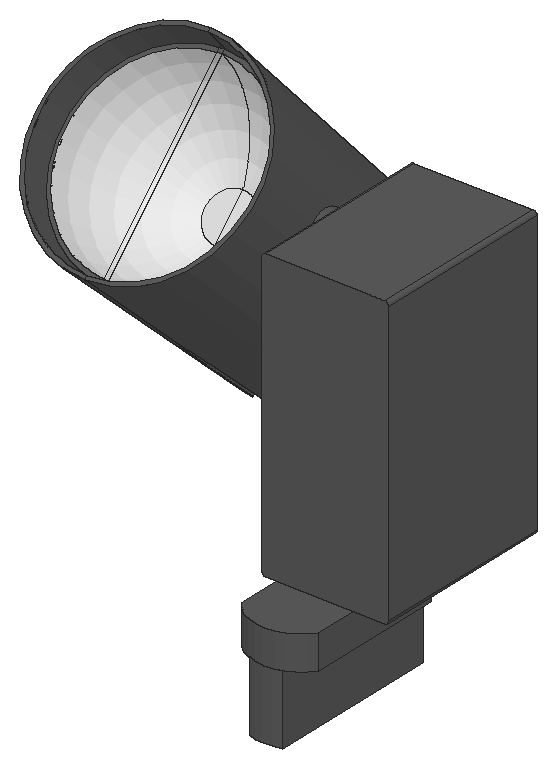
Revit family "0004886 Feilo Sylvania Lighting Fixture START TRACK SPOT S 24W 3K RA90 NB BLACK", category Lighting Fixtures, host Face, Revit 2017
Family settings
  Host = Face
  Round Connector Dimension = Use Diameter
  Part Type = Normal
  OmniClass Number = 23.80.70.00
  OmniClass Title = Lighting
  Cut with Voids When Loaded = No
  Light Source = No
  Shared = No
  Room Calculation Point = No
Parameters (values of type "0004886 START TRACK SPOT S 24W 3K RA90 NB BLACK")
  Weight = "0.966 kg"
  Wattage Comments = ""
  WarrantyStartDate [instance] = "n/a"
  WarrantyGuarantorParts = "n/a"
  WarrantyDurationUnit = "n/a"
  WarrantyDurationParts = "n/a"
  WarrantyDescription = "n/a"
  Voltage = 230 V
  URL = "http://www.sylvania-lighting.com"
  TypeName = "START TRACK SPOT S 24W 3K RA90 NB BLACK"
  TypeHead_FEILO = Start Track Spot Head : 0004886 START TRACK SPOT S 24W 3K RA90 NB BLACK
  TypeBox_FEILO = Start Track Spot Box : Type Small Black
  Type Image = <None>
  Type Comments = "n/a"
  VerticalRotation_FEILO [instance] = 0.00°
  SlideEndAngle_FEILO [instance] = VerticalRotation_FEILO + 180.00°  # 180.00°
  SerialNumber [instance] = "n/a"
  Material_3_FEILO = none
  PowerFactor = 0.95
  PowerConsumption = "24 W"
  NominalLength = 0 mm
  NominalHeight = 200 mm
  NominalDepth = 140 mm
  Name = "START TRACK SPOT S 24W 3K RA90 NB BLACK"
  ModelReference = Name  # "START TRACK SPOT S 24W 3K RA90 NB BLACK"
  ModelNumber = "0004886"
  Model = Name  # "START TRACK SPOT S 24W 3K RA90 NB BLACK"
  Material = "adc12 aluminium housing, polycarbonate diffuser"
  ManufacturerName = "Feilo Sylvania"
  Manufacturer = "Feilo Sylvania"
  LuminousEfficacy = "83 lm/W"
  LuminaireType = ""
  LightOutputRatio = "100"
  LampsType = Lamp  # "LED"
  LampNominalLuminous = "1987 lm"
  LampMacAdamStep = "3"
  LampColourTemperature = "3000 K"
  LampColourRenderingIndex = "90"
  Lamp = "LED"
  Keynote = "16500"
  InstallationDate [instance] = "n/a"
  InputVoltage = "230-240V~"
  InputNominalFrequency = "50/60 Hz"
  IngressProtection = "IP20"
  ImpactProtectionIndex = "IK02"
  IfcExportType = "IfcLightFixtureType"
  IfcExportAs = "IfcLightFixtureType"
  HorizontalRotation_FEILO [instance] = 45.00°
  ExpectedLife = 50000
  ElectricShockClassification = "Class II"
  DurationUnit = "hours"
  DocumentationLiterature = "http://www.sylvania-lighting.com/product/en-int/products/0004886"
  DimmingControlOptions = "Non dimmable"
  Material_2_FEILO = none
  Description = "Integrated LED spotlight, Textured Black - RAL9005, compact and minimalist design, ideal for retail applications, die-cast aluminium body, passive cooling heatsink. Beam angle: 12°, color temperature: 3000K , total system power: 24W, total fixture output: 1987 lm, LOR: 100%, colour rendering: Ra: 90 typical, LED Chromaticity: 3 step MacAdam ellipse, lifetime: >50000 hours at L70B50, energy class: A++, A+, A, IR/UV free light source without heat radiation, operating voltage: 220-240V / 50-60Hz, drive current: 600mA, electronic driver, non-dimmable, power factor: 0.95, electrical protection: Class II, Global Track 3 Phase adapter suitable for Global trac 3-circuit tracks, ingress protection rating: IP20, suitable for internal environment only, horizontal rotation: 355°, vertical tilt: 90°, dimensions: Ø86x140x200, weight: 0.966kg."
  Default Elevation = 1219.2 mm
  CreatedOn = "12/12/2017"
  CreatedBy = ""
  Cost = 0
  built-in parameter 1114216 [instance] = (empty or 0)
  ClassificationValue = "EF_70_80"
  ClassificationName = "Uniclass2015"
  Material_1_FEILO = Body-Sylvania-StartTrackSpot-Black
  BarCode [instance] = "n/a"
  AssetType = "Fixed"
  AssetIdentifier [instance] = "n/a"
  Assembly Code = "D5020200"
  Apparent Load = 24 VA
  Material_4_FEILO = none
Reference planes
  plane 1 "Center (Front/Back)": y = 0
  plane 2: z = 0
  plane 3 "Center (Left/Right)": x = 0
  plane 4: x = 15
  plane 5: x = -15
  plane 6: y = 35
  plane 7: y = -35
  plane 8: z = 13
  plane 9: z = -27
  plane 10: x = 6.5
  plane 11: x = -6.5
  plane 12: y = 27
  plane 13: y = -27
  plane 14: y = 20
Forms (mm)
  Extrusion 1, solid, material "Body-Sylvania-StartTrackSpot-Black" <- "Material_1_FEILO"
    sketch origin (0, 0, 0) x (1, 0, 0) y (0, 1, 0)
      loop
        line (-15, 27) -> (-15, -27)
        arc (-15, -27) -> (0, -35) -> (15, -27) r 18.062
        line (15, -27) -> (15, 27)
        arc (15, 27) -> (0, 35) -> (-15, 27) r 18.062
    from 0 to 13
  Extrusion 2, solid, material "Body-Sylvania-StartTrackSpot-Black" <- "Material_1_FEILO"
    sketch origin (0, 0, 0) x (1, 0, 0) y (0, 1, 0)
      loop
        arc (6.5, 33.79) -> (0, 35) -> (-6.5, 33.79) r 18.062
        line (-6.5, 33.79) -> (-6.5, -33.79)
        arc (-6.5, -33.79) -> (0, -35) -> (6.5, -33.79) r 18.062
        line (6.5, -33.79) -> (6.5, 33.79)
    from 0 to -27
  Revolve 3, solid, not visible
    sketch origin (1524, 20, 1219.2) x (1, 0, 0) y (0, 0, 1)
      loop
        line (-1524, -1206.2) -> (-1524, -1191.285) -> (-1530.5, -1191.285) -> (-1530.5, -1206.2) -> (-1524, -1206.2)
      axis (-1524, -1191.285) -> (-1524, -1206.2)
    angle from 0 <- "VerticalRotation_FEILO" to 180 <- "SlideEndAngle_FEILO"
Cuts and joins
  joined: Extrusion 1, Extrusion 2
Dimensions and locks
  equal spacing: plane 10, plane 3 "Center (Left/Right)", plane 11
  equal spacing: plane 4, plane 3 "Center (Left/Right)", plane 5
  locked: plane 8 to plane 2 at 13
  locked: plane 8 to plane 9 at 40
  equal spacing: plane 13, plane 1 "Center (Front/Back)", plane 12
  locked: plane 12 to plane 6 at 8
  locked: plane 14 to plane 6 at 15
  locked: Revolve 3 sketch curve to plane 8 at 14.915
  aligned and locked: plane 2 to host face
  aligned and locked: level to host face
  aligned and locked: plane 5 to Extrusion 1 sketch curve  (x2)
  aligned and locked: plane 12 to Extrusion 1 sketch curve
  aligned and locked: plane 13 to Extrusion 1 sketch curve
  aligned and locked: plane 4 to Extrusion 1 sketch curve
  aligned and locked: Extrusion 1 to plane 8
  aligned and locked: Extrusion 1 to level
  aligned and locked: Extrusion 2 sketch curve to Extrusion 1  (x2)
  aligned and locked: Extrusion 2 sketch curve to plane 11
  aligned and locked: plane 10 to Extrusion 2 sketch curve
  aligned and locked: plane 9 to Extrusion 2
  aligned and locked: level to Extrusion 2
  aligned and locked: Revolve 3 sketch curve to plane 3 "Center (Left/Right)"  (x2)
  aligned and locked: plane 11 to Revolve 3 sketch curve
  aligned and locked: Revolve 3 sketch curve to plane 8
Automatic sketch dimensions
  host sketch curve to host sketch curve = 2438.4 mm  (x2)
  Extrusion 1 sketch curve to plane 3 "Center (Left/Right)" = 0 mm  (x2)
  Extrusion 1 sketch curve to plane 13 = 10.062 mm
  plane 12 to Extrusion 1 sketch curve = 10.062 mm
  Revolve 3 sketch curve to plane 3 "Center (Left/Right)" = 0 mm
  plane 9 to Revolve 3 sketch curve = 582.6 mm
  Revolve 3 sketch curve to Revolve 3 sketch curve = 2581.144 mm
Nested families
  nested 1: "Start Track Spot Head" at (-62, 20, 112.529) x (0, 0.7071, 0.7071) z (0, 0.7071, -0.7071), type <- "TypeHead_FEILO", type "0004886 START TRACK SPOT S 24W 3K RA90 NB BLACK"
    with built-in parameter 1114216 (empty or 0)
  nested 2: "Start Track Spot Box" at (8.5, 20, 73) x (-1, 0, 0) z (0, -1, 0), BoxStartAngle_FEILO <- "HorizontalRotation_FEILO", type <- "TypeBox_FEILO", type "Type Small Black"
    with BoxStartAngle_FEILO 45.00°, BoxEndAngle_FEILO -135.00°
Connectors
  electrical at (0, 0, 0), driven by "Apparent Load", driven by "PowerFactor", driven by "Voltage"
    settings: index 1, voltage 230 V, apparent load 24 VA, apparent load phase1 0 VA, apparent load phase2 0 VA, apparent load phase3 0 VA, power factor 0.95, load classification "Lighting", number of poles 1, system type 30, power factor state 1, is connector primary yes, connector utility no, sub classification motor no, connector description ""
Definition of nested family "Start Track Spot Head"
  Parameters (values of type "0004811 START TRACK SPOT S 14W 3K RA80 NB WHITE")
    Wattage Comments = "n/a"
    Wattage = 14 W
    built-in parameter 1150110 = 1 (stored number, unit not read)
    URL = "http://www.feilosylvania.com"
    Type Image = (empty or 0)
    Type Comments = "n/a"
    built-in parameter 1114217 = 1 (stored number, unit not read)
    Tilt Angle = -90.00°
    built-in parameter 1150109 = 1 (stored number, unit not read)
    built-in parameter 1150134 = (empty or 0)
    built-in parameter 1150113 = 1 (stored number, unit not read)
    Photometric Web File = "0004811.ies"
    Material_3_FEILO = none
    Model = "START TRACK SPOT S 14W 3K RA80 NB WHITE"
    Manufacturer = "Feilo Sylvania"
    built-in parameter 1150105 = 123.66 (stored number, unit not read)
    Lumens = 1554 lm
    built-in parameter 1150115 = 1 (stored number, unit not read)
    built-in parameter 1150137 = (empty or 0)
    built-in parameter 1150139 = (empty or 0)
    built-in parameter 1150112 = 1 (stored number, unit not read)
    built-in parameter 1150114 = 1 (stored number, unit not read)
    Lamp = "LED"
    Keynote = "16500"
    Material_2_FEILO = none
    built-in parameter 1150132 = (empty or 0)
    built-in parameter 1150102 = (empty or 0)
    built-in parameter 1150107 = 3000 (stored number, unit not read)
    built-in parameter 1150138 = (empty or 0)
    built-in parameter 1150106 = 1.2366 (stored number, unit not read)
    HeadThickness_FEILO = if(HeadDiaOut_FEILO > 112 mm, 2 mm, 1.5 mm)  # 1.5 mm
    HeadRibOffset_FEILO = HeadHeight_FEILO / 28  # 4.179 mm
    HeadRibDepth_FEILO = HeadHeight_FEILO / 2.1  # 55.714 mm
    HeadRibCutWidth_FEILO = HeadDiaOut_FEILO / 12  # 7.167 mm
    HeadRibCutOffset_FEILO = HeadHeight_FEILO / 2.3  # 50.87 mm
    HeadReflectorRadius_FEILO = HeadDiaOut_FEILO / 1.7  # 50.588 mm
    HeadReflectorOffset_FEILO = HeadHeight_FEILO / 2.1  # 55.714 mm
    HeadLEDRadius_FEILO = HeadDiaOut_FEILO / 9  # 9.556 mm
    HeadHeight_FEILO = 117 mm
    HeadDraft_FEILO = 1 mm
    HeadDiffusorThickness_FEILO = 3 mm
    HeadDiffusorOffset_FEILO = HeadHeight_FEILO / 12.4  # 9.435 mm
    HeadDiaOut_FEILO = 86 mm
    HeadDiaIn_FEILO = HeadDiaOut_FEILO / 1.11  # 77.477 mm
    HeadAxisFromTop_FEILO = HeadHeight_FEILO / 1.687  # 69.354 mm
    Emit from Circle Diameter = HeadDiaIn_FEILO  # 77.477 mm
    Emit Shape Visible in Rendering = no
    built-in parameter 1150104 = 10.312 (stored number, unit not read)
    Dimming Lamp Color Temperature Shift = (empty or 0)
    Description = "Integrated LED spotlight, Textured White - RAL9016, compact and minimalist design, ideal for retail applications, die-cast aluminium body, passive cooling heatsink. Beam angle: 12°, color temperature: 3000K , total system power: 14W, total fixture output: 1551 lm, LOR: 100%, colour rendering: Ra: 80 typical, LED Chromaticity: 3 step MacAdam ellipse, lifetime: >50000 hours at L70B50, energy class: A++, A+, A, IR/UV free light source without heat radiation, operating voltage: 220-240V / 50-60Hz, drive current: 350mA, electronic driver, non-dimmable, power factor: 0.92, electrical protection: Class II, Global Track 3 Phase adapter suitable for Global trac 3-circuit tracks, ingress protection rating: IP20, suitable for internal environment only, horizontal rotation: 355°, vertical tilt: 90°, dimensions: Ø86x140x200, weight: 0.940kg."
    Default Elevation = 1219.2 mm
    Cost = 0
    Color Filter = 16777215
    built-in parameter 1114216 [instance] = (empty or 0)
    Material_1_FEILO = none
    built-in parameter 1114218 = 1 (stored number, unit not read)
    built-in parameter 1150133 = 10 (stored number, unit not read)
    Assembly Code = "D5020200"
    Apparent Load = 14 VA
    Material_4_FEILO = none
  Types (96, lengths in mm): name | Wattage | built-in parameter 1150134 | Photometric Web File | Model | built-in parameter 1150105 | Lumens | built-in parameter 1150107 | built-in parameter 1150106 | HeadThickness_FEILO | HeadRibOffset_FEILO | HeadRibDepth_FEILO | HeadRibCutWidth_FEILO | HeadRibCutOffset_FEILO | HeadReflectorRadius_FEILO | HeadReflectorOffset_FEILO | HeadLEDRadius_FEILO | HeadHeight_FEILO | HeadDiffusorOffset_FEILO | HeadDiaOut_FEILO | HeadDiaIn_FEILO | HeadAxisFromTop_FEILO | Emit from Circle Diameter | built-in parameter 1150104 | Description | Apparent Load
    0004906 START TRACK SPOT L 55W 4K RA90 WB BLACK | 55 W | 12 | "0004906.ies" | "START TRACK SPOT L 55W 4K RA90 WB BLACK" | 385.15 (stored number, unit not read) | 4840 lm | 4000 (stored number, unit not read) | 3.8515 (stored number, unit not read) | 2 | 4.429 | 59.048 | 9.417 | 53.913 | 66.471 | 59.048 | 12.556 | 124 | 10 | 113 | 101.802 | 73.503 | 101.802 | 8.1755 (stored number, unit not read) | "Integrated LED spotlight, Textured Black - RAL9005, compact and minimalist design, ideal for retail applications, die-cast aluminium body, passive cooling heatsink. Beam angle: 52°, color temperature: 4000K , total system power: 55W, total fixture output: 4824 lm, LOR: 100%, colour rendering: Ra: 90 typical, LED Chromaticity: 3 step MacAdam ellipse, lifetime: >50000 hours at L70B50, energy class: A++, A+, A, IR/UV free light source without heat radiation, operating voltage: 220-240V / 50-60Hz, drive current: 1400mA, electronic driver, non-dimmable, power factor: 0.96, electrical protection: Class II, Global Track 3 Phase adapter suitable for Global trac 3-circuit tracks, ingress protection rating: IP20, suitable for internal environment only, horizontal rotation: 355°, vertical tilt: 90°, dimensions: Ø113x164x240, weight: 1.398kg." | 55 VA
    0004905 START TRACK SPOT L 55W 4K RA90 MB BLACK | 55 W | 12 | "0004905.ies" | "START TRACK SPOT L 55W 4K RA90 MB BLACK" | 389.53 (stored number, unit not read) | 4895 lm | 4000 (stored number, unit not read) | 3.8953 (stored number, unit not read) | 2 | 4.429 | 59.048 | 9.417 | 53.913 | 66.471 | 59.048 | 12.556 | 124 | 10 | 113 | 101.802 | 73.503 | 101.802 | 8.2684 (stored number, unit not read) | "Integrated LED spotlight, Textured Black - RAL9005, compact and minimalist design, ideal for retail applications, die-cast aluminium body, passive cooling heatsink. Beam angle: 38°, color temperature: 4000K , total system power: 55W, total fixture output: 4897 lm, LOR: 100%, colour rendering: Ra: 90 typical, LED Chromaticity: 3 step MacAdam ellipse, lifetime: >50000 hours at L70B50, energy class: A++, A+, A, IR/UV free light source without heat radiation, operating voltage: 220-240V / 50-60Hz, drive current: 1400mA, electronic driver, non-dimmable, power factor: 0.96, electrical protection: Class II, Global Track 3 Phase adapter suitable for Global trac 3-circuit tracks, ingress protection rating: IP20, suitable for internal environment only, horizontal rotation: 355°, vertical tilt: 90°, dimensions: Ø113x164x240, weight: 1.398kg." | 55 VA
    0004904 START TRACK SPOT L 55W 4K RA90 NB BLACK | 55 W | 12 | "0004904.ies" | "START TRACK SPOT L 55W 4K RA90 NB BLACK" | 393.91 (stored number, unit not read) | 4950 lm | 4000 (stored number, unit not read) | 3.9391 (stored number, unit not read) | 2 | 4.429 | 59.048 | 9.417 | 53.913 | 66.471 | 59.048 | 12.556 | 124 | 10 | 113 | 101.802 | 73.503 | 101.802 | 8.3613 (stored number, unit not read) | "Integrated LED spotlight, Textured Black - RAL9005, compact and minimalist design, ideal for retail applications, die-cast aluminium body, passive cooling heatsink. Beam angle: 15°, color temperature: 4000K , total system power: 55W, total fixture output: 4965 lm, LOR: 100%, colour rendering: Ra: 90 typical, LED Chromaticity: 3 step MacAdam ellipse, lifetime: >50000 hours at L70B50, energy class: A++, A+, A, IR/UV free light source without heat radiation, operating voltage: 220-240V / 50-60Hz, drive current: 1400mA, electronic driver, non-dimmable, power factor: 0.96, electrical protection: Class II, Global Track 3 Phase adapter suitable for Global trac 3-circuit tracks, ingress protection rating: IP20, suitable for internal environment only, horizontal rotation: 355°, vertical tilt: 90°, dimensions: Ø113x164x240, weight: 1.398kg." | 55 VA
    0004903 START TRACK SPOT L 35W 4K RA90 WB BLACK | 35 W | 12 | "0004903.ies" | "START TRACK SPOT L 35W 4K RA90 WB BLACK" | 284.09 (stored number, unit not read) | 3570 lm | 4000 (stored number, unit not read) | 2.8409 (stored number, unit not read) | 2 | 4.429 | 59.048 | 9.417 | 53.913 | 66.471 | 59.048 | 12.556 | 124 | 10 | 113 | 101.802 | 73.503 | 101.802 | 9.4761 (stored number, unit not read) | "Integrated LED spotlight, Textured Black - RAL9005, compact and minimalist design, ideal for retail applications, die-cast aluminium body, passive cooling heatsink. Beam angle: 52°, color temperature: 4000K , total system power: 35W, total fixture output: 3562 lm, LOR: 100%, colour rendering: Ra: 90 typical, LED Chromaticity: 3 step MacAdam ellipse, lifetime: >50000 hours at L70B50, energy class: A++, A+, A, IR/UV free light source without heat radiation, operating voltage: 220-240V / 50-60Hz, drive current: 900mA, electronic driver, non-dimmable, power factor: 0.93, electrical protection: Class II, Global Track 3 Phase adapter suitable for Global trac 3-circuit tracks, ingress protection rating: IP20, suitable for internal environment only, horizontal rotation: 355°, vertical tilt: 90°, dimensions: Ø113x164x240, weight: 1.368kg." | 35 VA
    0004902 START TRACK SPOT L 35W 4K RA90 MB BLACK | 35 W | 12 | "0004902.ies" | "START TRACK SPOT L 35W 4K RA90 MB BLACK" | 286.88 (stored number, unit not read) | 3605 lm | 4000 (stored number, unit not read) | 2.8688 (stored number, unit not read) | 2 | 4.429 | 59.048 | 9.417 | 53.913 | 66.471 | 59.048 | 12.556 | 124 | 10 | 113 | 101.802 | 73.503 | 101.802 | 9.569 (stored number, unit not read) | "Integrated LED spotlight, Textured Black - RAL9005, compact and minimalist design, ideal for retail applications, die-cast aluminium body, passive cooling heatsink. Beam angle: 38°, color temperature: 4000K , total system power: 35W, total fixture output: 3616 lm, LOR: 100%, colour rendering: Ra: 90 typical, LED Chromaticity: 3 step MacAdam ellipse, lifetime: >50000 hours at L70B50, energy class: A++, A+, A, IR/UV free light source without heat radiation, operating voltage: 220-240V / 50-60Hz, drive current: 900mA, electronic driver, non-dimmable, power factor: 0.93, electrical protection: Class II, Global Track 3 Phase adapter suitable for Global trac 3-circuit tracks, ingress protection rating: IP20, suitable for internal environment only, horizontal rotation: 355°, vertical tilt: 90°, dimensions: Ø113x164x240, weight: 1.368kg." | 35 VA
    0004901 START TRACK SPOT L 35W 4K RA90 NB BLACK | 35 W | 12 | "0004901.ies" | "START TRACK SPOT L 35W 4K RA90 NB BLACK" | 286.88 (stored number, unit not read) | 3605 lm | 4000 (stored number, unit not read) | 2.8688 (stored number, unit not read) | 2 | 4.429 | 59.048 | 9.417 | 53.913 | 66.471 | 59.048 | 12.556 | 124 | 10 | 113 | 101.802 | 73.503 | 101.802 | 9.569 (stored number, unit not read) | "Integrated LED spotlight, Textured Black - RAL9005, compact and minimalist design, ideal for retail applications, die-cast aluminium body, passive cooling heatsink. Beam angle: 15°, color temperature: 4000K , total system power: 35W, total fixture output: 3593 lm, LOR: 100%, colour rendering: Ra: 90 typical, LED Chromaticity: 3 step MacAdam ellipse, lifetime: >50000 hours at L70B50, energy class: A++, A+, A, IR/UV free light source without heat radiation, operating voltage: 220-240V / 50-60Hz, drive current: 900mA, electronic driver, non-dimmable, power factor: 0.93, electrical protection: Class II, Global Track 3 Phase adapter suitable for Global trac 3-circuit tracks, ingress protection rating: IP20, suitable for internal environment only, horizontal rotation: 355°, vertical tilt: 90°, dimensions: Ø113x164x240, weight: 1.368kg." | 35 VA
    0004900 START TRACK SPOT S 24W 4K RA90 WB BLACK | 24 W | 12 | "0004900.ies" | "START TRACK SPOT S 24W 4K RA90 WB BLACK" | 166.16 (stored number, unit not read) | 2088 lm | 4000 (stored number, unit not read) | 1.6616 (stored number, unit not read) | 1.5 | 4.179 | 55.714 | 7.167 | 50.87 | 50.588 | 55.714 | 9.556 | 117 | 9.435 | 86 | 77.477 | 69.354 | 77.477 | 8.0826 (stored number, unit not read) | "Integrated LED spotlight, Textured Black - RAL9005, compact and minimalist design, ideal for retail applications, die-cast aluminium body, passive cooling heatsink. Beam angle: 64°, color temperature: 4000K , total system power: 24W, total fixture output: 2087 lm, LOR: 100%, colour rendering: Ra: 90 typical, LED Chromaticity: 3 step MacAdam ellipse, lifetime: >50000 hours at L70B50, energy class: A++, A+, A, IR/UV free light source without heat radiation, operating voltage: 220-240V / 50-60Hz, drive current: 600mA, electronic driver, non-dimmable, power factor: 0.95, electrical protection: Class II, Global Track 3 Phase adapter suitable for Global trac 3-circuit tracks, ingress protection rating: IP20, suitable for internal environment only, horizontal rotation: 355°, vertical tilt: 90°, dimensions: Ø86x140x200, weight: 0.966kg." | 24 VA
    0004899 START TRACK SPOT S 24W 4K RA90 MB BLACK | 24 W | 12 | "0004899.ies" | "START TRACK SPOT S 24W 4K RA90 MB BLACK" | 169.98 (stored number, unit not read) | 2136 lm | 4000 (stored number, unit not read) | 1.6998 (stored number, unit not read) | 1.5 | 4.179 | 55.714 | 7.167 | 50.87 | 50.588 | 55.714 | 9.556 | 117 | 9.435 | 86 | 77.477 | 69.354 | 77.477 | 8.2684 (stored number, unit not read) | "Integrated LED spotlight, Textured Black - RAL9005, compact and minimalist design, ideal for retail applications, die-cast aluminium body, passive cooling heatsink. Beam angle: 36°, color temperature: 4000K , total system power: 24W, total fixture output: 2141 lm, LOR: 100%, colour rendering: Ra: 90 typical, LED Chromaticity: 3 step MacAdam ellipse, lifetime: >50000 hours at L70B50, energy class: A++, A+, A, IR/UV free light source without heat radiation, operating voltage: 220-240V / 50-60Hz, drive current: 600mA, electronic driver, non-dimmable, power factor: 0.95, electrical protection: Class II, Global Track 3 Phase adapter suitable for Global trac 3-circuit tracks, ingress protection rating: IP20, suitable for internal environment only, horizontal rotation: 355°, vertical tilt: 90°, dimensions: Ø86x140x200, weight: 0.966kg." | 24 VA
    0004898 START TRACK SPOT S 24W 4K RA90 NB BLACK | 24 W | 12 | "0004898.ies" | "START TRACK SPOT S 24W 4K RA90 NB BLACK" | 171.89 (stored number, unit not read) | 2160 lm | 4000 (stored number, unit not read) | 1.7189 (stored number, unit not read) | 1.5 | 4.179 | 55.714 | 7.167 | 50.87 | 50.588 | 55.714 | 9.556 | 117 | 9.435 | 86 | 77.477 | 69.354 | 77.477 | 8.3613 (stored number, unit not read) | "Integrated LED spotlight, Textured Black - RAL9005, compact and minimalist design, ideal for retail applications, die-cast aluminium body, passive cooling heatsink. Beam angle: 12°, color temperature: 4000K , total system power: 24W, total fixture output: 2155 lm, LOR: 100%, colour rendering: Ra: 90 typical, LED Chromaticity: 3 step MacAdam ellipse, lifetime: >50000 hours at L70B50, energy class: A++, A+, A, IR/UV free light source without heat radiation, operating voltage: 220-240V / 50-60Hz, drive current: 600mA, electronic driver, non-dimmable, power factor: 0.95, electrical protection: Class II, Global Track 3 Phase adapter suitable for Global trac 3-circuit tracks, ingress protection rating: IP20, suitable for internal environment only, horizontal rotation: 355°, vertical tilt: 90°, dimensions: Ø86x140x200, weight: 0.966kg." | 24 VA
    0004897 START TRACK SPOT S 14W 4K RA90 WB BLACK | 14 W | 12 | "0004897.ies" | "START TRACK SPOT S 14W 4K RA90 WB BLACK" | 108.07 (stored number, unit not read) | 1358 lm | 4000 (stored number, unit not read) | 1.0807 (stored number, unit not read) | 1.5 | 4.179 | 55.714 | 7.167 | 50.87 | 50.588 | 55.714 | 9.556 | 117 | 9.435 | 86 | 77.477 | 69.354 | 77.477 | 9.0116 (stored number, unit not read) | "Integrated LED spotlight, Textured Black - RAL9005, compact and minimalist design, ideal for retail applications, die-cast aluminium body, passive cooling heatsink. Beam angle: 64°, color temperature: 4000K , total system power: 14W, total fixture output: 1352 lm, LOR: 100%, colour rendering: Ra: 90 typical, LED Chromaticity: 3 step MacAdam ellipse, lifetime: >50000 hours at L70B50, energy class: A++, A+, A, IR/UV free light source without heat radiation, operating voltage: 220-240V / 50-60Hz, drive current: 350mA, electronic driver, non-dimmable, power factor: 0.92, electrical protection: Class II, Global Track 3 Phase adapter suitable for Global trac 3-circuit tracks, ingress protection rating: IP20, suitable for internal environment only, horizontal rotation: 355°, vertical tilt: 90°, dimensions: Ø86x140x200, weight: 0.940kg." | 14 VA
    0004896 START TRACK SPOT S 14W 4K RA90 MB BLACK | 14 W | 12 | "0004896.ies" | "START TRACK SPOT S 14W 4K RA90 MB BLACK" | 108.07 (stored number, unit not read) | 1358 lm | 4000 (stored number, unit not read) | 1.0807 (stored number, unit not read) | 1.5 | 4.179 | 55.714 | 7.167 | 50.87 | 50.588 | 55.714 | 9.556 | 117 | 9.435 | 86 | 77.477 | 69.354 | 77.477 | 9.0116 (stored number, unit not read) | "Integrated LED spotlight, Textured Black - RAL9005, compact and minimalist design, ideal for retail applications, die-cast aluminium body, passive cooling heatsink. Beam angle: 36°, color temperature: 4000K , total system power: 14W, total fixture output: 1359 lm, LOR: 100%, colour rendering: Ra: 90 typical, LED Chromaticity: 3 step MacAdam ellipse, lifetime: >50000 hours at L70B50, energy class: A++, A+, A, IR/UV free light source without heat radiation, operating voltage: 220-240V / 50-60Hz, drive current: 350mA, electronic driver, non-dimmable, power factor: 0.92, electrical protection: Class II, Global Track 3 Phase adapter suitable for Global trac 3-circuit tracks, ingress protection rating: IP20, suitable for internal environment only, horizontal rotation: 355°, vertical tilt: 90°, dimensions: Ø86x140x200, weight: 0.940kg." | 14 VA
    0004895 START TRACK SPOT S 14W 4K RA90 NB BLACK | 14 W | 12 | "0004895.ies" | "START TRACK SPOT S 14W 4K RA90 NB BLACK" | 106.95 (stored number, unit not read) | 1344 lm | 4000 (stored number, unit not read) | 1.0695 (stored number, unit not read) | 1.5 | 4.179 | 55.714 | 7.167 | 50.87 | 50.588 | 55.714 | 9.556 | 117 | 9.435 | 86 | 77.477 | 69.354 | 77.477 | 8.9187 (stored number, unit not read) | "Integrated LED spotlight, Textured Black - RAL9005, compact and minimalist design, ideal for retail applications, die-cast aluminium body, passive cooling heatsink. Beam angle: 12°, color temperature: 4000K , total system power: 14W, total fixture output: 1349 lm, LOR: 100%, colour rendering: Ra: 90 typical, LED Chromaticity: 3 step MacAdam ellipse, lifetime: >50000 hours at L70B50, energy class: A++, A+, A, IR/UV free light source without heat radiation, operating voltage: 220-240V / 50-60Hz, drive current: 350mA, electronic driver, non-dimmable, power factor: 0.92, electrical protection: Class II, Global Track 3 Phase adapter suitable for Global trac 3-circuit tracks, ingress protection rating: IP20, suitable for internal environment only, horizontal rotation: 355°, vertical tilt: 90°, dimensions: Ø86x140x200, weight: 0.940kg." | 14 VA
    0004894 START TRACK SPOT L 55W 3K RA90 WB BLACK | 55 W | (empty or 0) | "0004894.ies" | "START TRACK SPOT L 55W 3K RA90 WB BLACK" | 350.14 (stored number, unit not read) | 4400 lm | 3000 (stored number, unit not read) | 3.5014 (stored number, unit not read) | 2 | 4.429 | 59.048 | 9.417 | 53.913 | 66.471 | 59.048 | 12.556 | 124 | 10 | 113 | 101.802 | 73.503 | 101.802 | 7.4322 (stored number, unit not read) | "Integrated LED spotlight, Textured Black - RAL9005, compact and minimalist design, ideal for retail applications, die-cast aluminium body, passive cooling heatsink. Beam angle: 52°, color temperature: 3000K , total system power: 55W, total fixture output: 4405 lm, LOR: 100%, colour rendering: Ra: 90 typical, LED Chromaticity: 3 step MacAdam ellipse, lifetime: >50000 hours at L70B50, energy class: A++, A+, A, IR/UV free light source without heat radiation, operating voltage: 220-240V / 50-60Hz, drive current: 1400mA, electronic driver, non-dimmable, power factor: 0.96, electrical protection: Class II, Global Track 3 Phase adapter suitable for Global trac 3-circuit tracks, ingress protection rating: IP20, suitable for internal environment only, horizontal rotation: 355°, vertical tilt: 90°, dimensions: Ø113x164x240, weight: 1.398kg." | 55 VA
    0004893 START TRACK SPOT L 55W 3K RA90 MB BLACK | 55 W | (empty or 0) | "0004893.ies" | "START TRACK SPOT L 55W 3K RA90 MB BLACK" | 354.52 (stored number, unit not read) | 4455 lm | 3000 (stored number, unit not read) | 3.5452 (stored number, unit not read) | 2 | 4.429 | 59.048 | 9.417 | 53.913 | 66.471 | 59.048 | 12.556 | 124 | 10 | 113 | 101.802 | 73.503 | 101.802 | 7.5251 (stored number, unit not read) | "Integrated LED spotlight, Textured Black - RAL9005, compact and minimalist design, ideal for retail applications, die-cast aluminium body, passive cooling heatsink. Beam angle: 38°, color temperature: 3000K , total system power: 55W, total fixture output: 4448 lm, LOR: 100%, colour rendering: Ra: 90 typical, LED Chromaticity: 3 step MacAdam ellipse, lifetime: >50000 hours at L70B50, energy class: A++, A+, A, IR/UV free light source without heat radiation, operating voltage: 220-240V / 50-60Hz, drive current: 1400mA, electronic driver, non-dimmable, power factor: 0.96, electrical protection: Class II, Global Track 3 Phase adapter suitable for Global trac 3-circuit tracks, ingress protection rating: IP20, suitable for internal environment only, horizontal rotation: 355°, vertical tilt: 90°, dimensions: Ø113x164x240, weight: 1.398kg." | 55 VA
    0004892 START TRACK SPOT L 55W 3K RA90 NB BLACK | 55 W | (empty or 0) | "0004892.ies" | "START TRACK SPOT L 55W 3K RA90 NB BLACK" | 350.14 (stored number, unit not read) | 4400 lm | 3000 (stored number, unit not read) | 3.5014 (stored number, unit not read) | 2 | 4.429 | 59.048 | 9.417 | 53.913 | 66.471 | 59.048 | 12.556 | 124 | 10 | 113 | 101.802 | 73.503 | 101.802 | 7.4322 (stored number, unit not read) | "Integrated LED spotlight, Textured Black - RAL9005, compact and minimalist design, ideal for retail applications, die-cast aluminium body, passive cooling heatsink. Beam angle: 15°, color temperature: 3000K , total system power: 55W, total fixture output: 4416 lm, LOR: 100%, colour rendering: Ra: 90 typical, LED Chromaticity: 3 step MacAdam ellipse, lifetime: >50000 hours at L70B50, energy class: A++, A+, A, IR/UV free light source without heat radiation, operating voltage: 220-240V / 50-60Hz, drive current: 1400mA, electronic driver, non-dimmable, power factor: 0.96, electrical protection: Class II, Global Track 3 Phase adapter suitable for Global trac 3-circuit tracks, ingress protection rating: IP20, suitable for internal environment only, horizontal rotation: 355°, vertical tilt: 90°, dimensions: Ø113x164x240, weight: 1.398kg." | 55 VA
    0004891 START TRACK SPOT L 35W 3K RA90 WB BLACK | 35 W | (empty or 0) | "0004891.ies" | "START TRACK SPOT L 35W 3K RA90 WB BLACK" | 259.02 (stored number, unit not read) | 3255 lm | 3000 (stored number, unit not read) | 2.5902 (stored number, unit not read) | 2 | 4.429 | 59.048 | 9.417 | 53.913 | 66.471 | 59.048 | 12.556 | 124 | 10 | 113 | 101.802 | 73.503 | 101.802 | 8.64 (stored number, unit not read) | "Integrated LED spotlight, Textured Black - RAL9005, compact and minimalist design, ideal for retail applications, die-cast aluminium body, passive cooling heatsink. Beam angle: 52°, color temperature: 3000K , total system power: 35W, total fixture output: 3260 lm, LOR: 100%, colour rendering: Ra: 90 typical, LED Chromaticity: 3 step MacAdam ellipse, lifetime: >50000 hours at L70B50, energy class: A++, A+, A, IR/UV free light source without heat radiation, operating voltage: 220-240V / 50-60Hz, drive current: 900mA, electronic driver, non-dimmable, power factor: 0.93, electrical protection: Class II, Global Track 3 Phase adapter suitable for Global trac 3-circuit tracks, ingress protection rating: IP20, suitable for internal environment only, horizontal rotation: 355°, vertical tilt: 90°, dimensions: Ø113x164x240, weight: 1.368kg." | 35 VA
    0004890 START TRACK SPOT L 35W 3K RA90 MB BLACK | 35 W | (empty or 0) | "0004890.ies" | "START TRACK SPOT L 35W 3K RA90 MB BLACK" | 261.81 (stored number, unit not read) | 3290 lm | 3000 (stored number, unit not read) | 2.6181 (stored number, unit not read) | 2 | 4.429 | 59.048 | 9.417 | 53.913 | 66.471 | 59.048 | 12.556 | 124 | 10 | 113 | 101.802 | 73.503 | 101.802 | 8.7329 (stored number, unit not read) | "Integrated LED spotlight, Textured Black - RAL9005, compact and minimalist design, ideal for retail applications, die-cast aluminium body, passive cooling heatsink. Beam angle: 38°, color temperature: 3000K , total system power: 35W, total fixture output: 3306 lm, LOR: 100%, colour rendering: Ra: 90 typical, LED Chromaticity: 3 step MacAdam ellipse, lifetime: >50000 hours at L70B50, energy class: A++, A+, A, IR/UV free light source without heat radiation, operating voltage: 220-240V / 50-60Hz, drive current: 900mA, electronic driver, non-dimmable, power factor: 0.93, electrical protection: Class II, Global Track 3 Phase adapter suitable for Global trac 3-circuit tracks, ingress protection rating: IP20, suitable for internal environment only, horizontal rotation: 355°, vertical tilt: 90°, dimensions: Ø113x164x240, weight: 1.368kg." | 35 VA
    0004889 START TRACK SPOT L 35W 3K RA90 NB BLACK | 35 W | (empty or 0) | "0004889.ies" | "START TRACK SPOT L 35W 3K RA90 NB BLACK" | 261.81 (stored number, unit not read) | 3290 lm | 3000 (stored number, unit not read) | 2.6181 (stored number, unit not read) | 2 | 4.429 | 59.048 | 9.417 | 53.913 | 66.471 | 59.048 | 12.556 | 124 | 10 | 113 | 101.802 | 73.503 | 101.802 | 8.7329 (stored number, unit not read) | "Integrated LED spotlight, Textured Black - RAL9005, compact and minimalist design, ideal for retail applications, die-cast aluminium body, passive cooling heatsink. Beam angle: 15°, color temperature: 3000K , total system power: 35W, total fixture output: 3287 lm, LOR: 100%, colour rendering: Ra: 90 typical, LED Chromaticity: 3 step MacAdam ellipse, lifetime: >50000 hours at L70B50, energy class: A++, A+, A, IR/UV free light source without heat radiation, operating voltage: 220-240V / 50-60Hz, drive current: 900mA, electronic driver, non-dimmable, power factor: 0.93, electrical protection: Class II, Global Track 3 Phase adapter suitable for Global trac 3-circuit tracks, ingress protection rating: IP20, suitable for internal environment only, horizontal rotation: 355°, vertical tilt: 90°, dimensions: Ø113x164x240, weight: 1.368kg." | 35 VA
    0004888 START TRACK SPOT S 24W 3K RA90 WB BLACK | 24 W | (empty or 0) | "0004888.ies" | "START TRACK SPOT S 24W 3K RA90 WB BLACK" | 152.79 (stored number, unit not read) | 1920 lm | 3000 (stored number, unit not read) | 1.5279 (stored number, unit not read) | 1.5 | 4.179 | 55.714 | 7.167 | 50.87 | 50.588 | 55.714 | 9.556 | 117 | 9.435 | 86 | 77.477 | 69.354 | 77.477 | 7.4322 (stored number, unit not read) | "Integrated LED spotlight, Textured Black - RAL9005, compact and minimalist design, ideal for retail applications, die-cast aluminium body, passive cooling heatsink. Beam angle: 64°, color temperature: 3000K , total system power: 24W, total fixture output: 1928 lm, LOR: 100%, colour rendering: Ra: 90 typical, LED Chromaticity: 3 step MacAdam ellipse, lifetime: >50000 hours at L70B50, energy class: A++, A+, A, IR/UV free light source without heat radiation, operating voltage: 220-240V / 50-60Hz, drive current: 600mA, electronic driver, non-dimmable, power factor: 0.95, electrical protection: Class II, Global Track 3 Phase adapter suitable for Global trac 3-circuit tracks, ingress protection rating: IP20, suitable for internal environment only, horizontal rotation: 355°, vertical tilt: 90°, dimensions: Ø86x140x200, weight: 0.966kg." | 24 VA
    0004887 START TRACK SPOT S 24W 3K RA90 MB BLACK | 24 W | (empty or 0) | "0004887.ies" | "START TRACK SPOT S 24W 3K RA90 MB BLACK" | 154.7 (stored number, unit not read) | 1944 lm | 3000 (stored number, unit not read) | 1.547 (stored number, unit not read) | 1.5 | 4.179 | 55.714 | 7.167 | 50.87 | 50.588 | 55.714 | 9.556 | 117 | 9.435 | 86 | 77.477 | 69.354 | 77.477 | 7.5251 (stored number, unit not read) | "Integrated LED spotlight, Textured Black - RAL9005, compact and minimalist design, ideal for retail applications, die-cast aluminium body, passive cooling heatsink. Beam angle: 36°, color temperature: 3000K , total system power: 24W, total fixture output: 1944 lm, LOR: 100%, colour rendering: Ra: 90 typical, LED Chromaticity: 3 step MacAdam ellipse, lifetime: >50000 hours at L70B50, energy class: A++, A+, A, IR/UV free light source without heat radiation, operating voltage: 220-240V / 50-60Hz, drive current: 600mA, electronic driver, non-dimmable, power factor: 0.95, electrical protection: Class II, Global Track 3 Phase adapter suitable for Global trac 3-circuit tracks, ingress protection rating: IP20, suitable for internal environment only, horizontal rotation: 355°, vertical tilt: 90°, dimensions: Ø86x140x200, weight: 0.966kg." | 24 VA
    0004886 START TRACK SPOT S 24W 3K RA90 NB BLACK | 24 W | (empty or 0) | "0004886.ies" | "START TRACK SPOT S 24W 3K RA90 NB BLACK" | 158.52 (stored number, unit not read) | 1992 lm | 3000 (stored number, unit not read) | 1.5852 (stored number, unit not read) | 1.5 | 4.179 | 55.714 | 7.167 | 50.87 | 50.588 | 55.714 | 9.556 | 117 | 9.435 | 86 | 77.477 | 69.354 | 77.477 | 7.711 (stored number, unit not read) | "Integrated LED spotlight, Textured Black - RAL9005, compact and minimalist design, ideal for retail applications, die-cast aluminium body, passive cooling heatsink. Beam angle: 12°, color temperature: 3000K , total system power: 24W, total fixture output: 1987 lm, LOR: 100%, colour rendering: Ra: 90 typical, LED Chromaticity: 3 step MacAdam ellipse, lifetime: >50000 hours at L70B50, energy class: A++, A+, A, IR/UV free light source without heat radiation, operating voltage: 220-240V / 50-60Hz, drive current: 600mA, electronic driver, non-dimmable, power factor: 0.95, electrical protection: Class II, Global Track 3 Phase adapter suitable for Global trac 3-circuit tracks, ingress protection rating: IP20, suitable for internal environment only, horizontal rotation: 355°, vertical tilt: 90°, dimensions: Ø86x140x200, weight: 0.966kg." | 24 VA
    0004885 START TRACK SPOT S 14W 3K RA90 WB BLACK | 14 W | (empty or 0) | "0004885.ies" | "START TRACK SPOT S 14W 3K RA90 WB BLACK" | 100.27 (stored number, unit not read) | 1260 lm | 3000 (stored number, unit not read) | 1.0027 (stored number, unit not read) | 1.5 | 4.179 | 55.714 | 7.167 | 50.87 | 50.588 | 55.714 | 9.556 | 117 | 9.435 | 86 | 77.477 | 69.354 | 77.477 | 8.3613 (stored number, unit not read) | "Integrated LED spotlight, Textured Black - RAL9005, compact and minimalist design, ideal for retail applications, die-cast aluminium body, passive cooling heatsink. Beam angle: 64°, color temperature: 3000K , total system power: 14W, total fixture output: 1262 lm, LOR: 100%, colour rendering: Ra: 90 typical, LED Chromaticity: 3 step MacAdam ellipse, lifetime: >50000 hours at L70B50, energy class: A++, A+, A, IR/UV free light source without heat radiation, operating voltage: 220-240V / 50-60Hz, drive current: 350mA, electronic driver, non-dimmable, power factor: 0.92, electrical protection: Class II, Global Track 3 Phase adapter suitable for Global trac 3-circuit tracks, ingress protection rating: IP20, suitable for internal environment only, horizontal rotation: 355°, vertical tilt: 90°, dimensions: Ø86x140x200, weight: 0.940kg." | 14 VA
    0004884 START TRACK SPOT S 14W 3K RA90 MB BLACK | 14 W | (empty or 0) | "0004884.ies" | "START TRACK SPOT S 14W 3K RA90 MB BLACK" | 100.27 (stored number, unit not read) | 1260 lm | 3000 (stored number, unit not read) | 1.0027 (stored number, unit not read) | 1.5 | 4.179 | 55.714 | 7.167 | 50.87 | 50.588 | 55.714 | 9.556 | 117 | 9.435 | 86 | 77.477 | 69.354 | 77.477 | 8.3613 (stored number, unit not read) | "Integrated LED spotlight, Textured Black - RAL9005, compact and minimalist design, ideal for retail applications, die-cast aluminium body, passive cooling heatsink. Beam angle: 36°, color temperature: 3000K , total system power: 14W, total fixture output: 1262 lm, LOR: 100%, colour rendering: Ra: 90 typical, LED Chromaticity: 3 step MacAdam ellipse, lifetime: >50000 hours at L70B50, energy class: A++, A+, A, IR/UV free light source without heat radiation, operating voltage: 220-240V / 50-60Hz, drive current: 350mA, electronic driver, non-dimmable, power factor: 0.92, electrical protection: Class II, Global Track 3 Phase adapter suitable for Global trac 3-circuit tracks, ingress protection rating: IP20, suitable for internal environment only, horizontal rotation: 355°, vertical tilt: 90°, dimensions: Ø86x140x200, weight: 0.940kg." | 14 VA
    0004883 START TRACK SPOT S 14W 3K RA90 NB BLACK | 14 W | (empty or 0) | "0004883.ies" | "START TRACK SPOT S 14W 3K RA90 NB BLACK" | 102.5 (stored number, unit not read) | 1288 lm | 3000 (stored number, unit not read) | 1.025 (stored number, unit not read) | 1.5 | 4.179 | 55.714 | 7.167 | 50.87 | 50.588 | 55.714 | 9.556 | 117 | 9.435 | 86 | 77.477 | 69.354 | 77.477 | 8.5471 (stored number, unit not read) | "Integrated LED spotlight, Textured Black - RAL9005, compact and minimalist design, ideal for retail applications, die-cast aluminium body, passive cooling heatsink. Beam angle: 12°, color temperature: 3000K , total system power: 14W, total fixture output: 1284 lm, LOR: 100%, colour rendering: Ra: 90 typical, LED Chromaticity: 3 step MacAdam ellipse, lifetime: >50000 hours at L70B50, energy class: A++, A+, A, IR/UV free light source without heat radiation, operating voltage: 220-240V / 50-60Hz, drive current: 350mA, electronic driver, non-dimmable, power factor: 0.92, electrical protection: Class II, Global Track 3 Phase adapter suitable for Global trac 3-circuit tracks, ingress protection rating: IP20, suitable for internal environment only, horizontal rotation: 355°, vertical tilt: 90°, dimensions: Ø86x140x200, weight: 0.940kg." | 14 VA
    0004882 START TRACK SPOT L 55W 4K RA90 WB WHITE | 55 W | 12 | "0004882.ies" | "START TRACK SPOT L 55W 4K RA90 WB WHITE" | 385.15 (stored number, unit not read) | 4840 lm | 4000 (stored number, unit not read) | 3.8515 (stored number, unit not read) | 2 | 4.429 | 59.048 | 9.417 | 53.913 | 66.471 | 59.048 | 12.556 | 124 | 10 | 113 | 101.802 | 73.503 | 101.802 | 8.1755 (stored number, unit not read) | "Integrated LED spotlight, Textured White - RAL9016, compact and minimalist design, ideal for retail applications, die-cast aluminium body, passive cooling heatsink. Beam angle: 52°, color temperature: 4000K , total system power: 55W, total fixture output: 4824 lm, LOR: 100%, colour rendering: Ra: 90 typical, LED Chromaticity: 3 step MacAdam ellipse, lifetime: >50000 hours at L70B50, energy class: A++, A+, A, IR/UV free light source without heat radiation, operating voltage: 220-240V / 50-60Hz, drive current: 1400mA, electronic driver, non-dimmable, power factor: 0.96, electrical protection: Class II, Global Track 3 Phase adapter suitable for Global trac 3-circuit tracks, ingress protection rating: IP20, suitable for internal environment only, horizontal rotation: 355°, vertical tilt: 90°, dimensions: Ø113x164x240, weight: 1.398kg." | 55 VA
    0004881 START TRACK SPOT L 55W 4K RA90 MB WHITE | 55 W | 12 | "0004881.ies" | "START TRACK SPOT L 55W 4K RA90 MB WHITE" | 389.53 (stored number, unit not read) | 4895 lm | 4000 (stored number, unit not read) | 3.8953 (stored number, unit not read) | 2 | 4.429 | 59.048 | 9.417 | 53.913 | 66.471 | 59.048 | 12.556 | 124 | 10 | 113 | 101.802 | 73.503 | 101.802 | 8.2684 (stored number, unit not read) | "Integrated LED spotlight, Textured White - RAL9016, compact and minimalist design, ideal for retail applications, die-cast aluminium body, passive cooling heatsink. Beam angle: 38°, color temperature: 4000K , total system power: 55W, total fixture output: 4897 lm, LOR: 100%, colour rendering: Ra: 90 typical, LED Chromaticity: 3 step MacAdam ellipse, lifetime: >50000 hours at L70B50, energy class: A++, A+, A, IR/UV free light source without heat radiation, operating voltage: 220-240V / 50-60Hz, drive current: 1400mA, electronic driver, non-dimmable, power factor: 0.96, electrical protection: Class II, Global Track 3 Phase adapter suitable for Global trac 3-circuit tracks, ingress protection rating: IP20, suitable for internal environment only, horizontal rotation: 355°, vertical tilt: 90°, dimensions: Ø113x164x240, weight: 1.398kg." | 55 VA
    0004880 START TRACK SPOT L 55W 4K RA90 NB WHITE | 55 W | 12 | "0004880.ies" | "START TRACK SPOT L 55W 4K RA90 NB WHITE" | 393.91 (stored number, unit not read) | 4950 lm | 4000 (stored number, unit not read) | 3.9391 (stored number, unit not read) | 2 | 4.429 | 59.048 | 9.417 | 53.913 | 66.471 | 59.048 | 12.556 | 124 | 10 | 113 | 101.802 | 73.503 | 101.802 | 8.3613 (stored number, unit not read) | "Integrated LED spotlight, Textured White - RAL9016, compact and minimalist design, ideal for retail applications, die-cast aluminium body, passive cooling heatsink. Beam angle: 15°, color temperature: 4000K , total system power: 55W, total fixture output: 4965 lm, LOR: 100%, colour rendering: Ra: 90 typical, LED Chromaticity: 3 step MacAdam ellipse, lifetime: >50000 hours at L70B50, energy class: A++, A+, A, IR/UV free light source without heat radiation, operating voltage: 220-240V / 50-60Hz, drive current: 1400mA, electronic driver, non-dimmable, power factor: 0.96, electrical protection: Class II, Global Track 3 Phase adapter suitable for Global trac 3-circuit tracks, ingress protection rating: IP20, suitable for internal environment only, horizontal rotation: 355°, vertical tilt: 90°, dimensions: Ø113x164x240, weight: 1.398kg." | 55 VA
    0004879 START TRACK SPOT L 35W 4K RA90 WB WHITE | 35 W | 12 | "0004879.ies" | "START TRACK SPOT L 35W 4K RA90 WB WHITE" | 284.09 (stored number, unit not read) | 3570 lm | 4000 (stored number, unit not read) | 2.8409 (stored number, unit not read) | 2 | 4.429 | 59.048 | 9.417 | 53.913 | 66.471 | 59.048 | 12.556 | 124 | 10 | 113 | 101.802 | 73.503 | 101.802 | 9.4761 (stored number, unit not read) | "Integrated LED spotlight, Textured White - RAL9016, compact and minimalist design, ideal for retail applications, die-cast aluminium body, passive cooling heatsink. Beam angle: 52°, color temperature: 4000K , total system power: 35W, total fixture output: 3562 lm, LOR: 100%, colour rendering: Ra: 90 typical, LED Chromaticity: 3 step MacAdam ellipse, lifetime: >50000 hours at L70B50, energy class: A++, A+, A, IR/UV free light source without heat radiation, operating voltage: 220-240V / 50-60Hz, drive current: 900mA, electronic driver, non-dimmable, power factor: 0.93, electrical protection: Class II, Global Track 3 Phase adapter suitable for Global trac 3-circuit tracks, ingress protection rating: IP20, suitable for internal environment only, horizontal rotation: 355°, vertical tilt: 90°, dimensions: Ø113x164x240, weight: 1.368kg." | 35 VA
    0004878 START TRACK SPOT L 35W 4K RA90 MB WHITE | 35 W | 12 | "0004878.ies" | "START TRACK SPOT L 35W 4K RA90 MB WHITE" | 286.88 (stored number, unit not read) | 3605 lm | 4000 (stored number, unit not read) | 2.8688 (stored number, unit not read) | 2 | 4.429 | 59.048 | 9.417 | 53.913 | 66.471 | 59.048 | 12.556 | 124 | 10 | 113 | 101.802 | 73.503 | 101.802 | 9.569 (stored number, unit not read) | "Integrated LED spotlight, Textured White - RAL9016, compact and minimalist design, ideal for retail applications, die-cast aluminium body, passive cooling heatsink. Beam angle: 38°, color temperature: 4000K , total system power: 35W, total fixture output: 3616 lm, LOR: 100%, colour rendering: Ra: 90 typical, LED Chromaticity: 3 step MacAdam ellipse, lifetime: >50000 hours at L70B50, energy class: A++, A+, A, IR/UV free light source without heat radiation, operating voltage: 220-240V / 50-60Hz, drive current: 900mA, electronic driver, non-dimmable, power factor: 0.93, electrical protection: Class II, Global Track 3 Phase adapter suitable for Global trac 3-circuit tracks, ingress protection rating: IP20, suitable for internal environment only, horizontal rotation: 355°, vertical tilt: 90°, dimensions: Ø113x164x240, weight: 1.368kg." | 35 VA
    0004877 START TRACK SPOT L 35W 4K RA90 NB WHITE | 35 W | 12 | "0004877.ies" | "START TRACK SPOT L 35W 4K RA90 NB WHITE" | 286.88 (stored number, unit not read) | 3605 lm | 4000 (stored number, unit not read) | 2.8688 (stored number, unit not read) | 2 | 4.429 | 59.048 | 9.417 | 53.913 | 66.471 | 59.048 | 12.556 | 124 | 10 | 113 | 101.802 | 73.503 | 101.802 | 9.569 (stored number, unit not read) | "Integrated LED spotlight, Textured White - RAL9016, compact and minimalist design, ideal for retail applications, die-cast aluminium body, passive cooling heatsink. Beam angle: 15°, color temperature: 4000K , total system power: 35W, total fixture output: 3593 lm, LOR: 100%, colour rendering: Ra: 90 typical, LED Chromaticity: 3 step MacAdam ellipse, lifetime: >50000 hours at L70B50, energy class: A++, A+, A, IR/UV free light source without heat radiation, operating voltage: 220-240V / 50-60Hz, drive current: 900mA, electronic driver, non-dimmable, power factor: 0.93, electrical protection: Class II, Global Track 3 Phase adapter suitable for Global trac 3-circuit tracks, ingress protection rating: IP20, suitable for internal environment only, horizontal rotation: 355°, vertical tilt: 90°, dimensions: Ø113x164x240, weight: 1.368kg." | 35 VA
    0004876 START TRACK SPOT S 24W 4K RA90 WB WHITE | 24 W | 12 | "0004876.ies" | "START TRACK SPOT S 24W 4K RA90 WB WHITE" | 166.16 (stored number, unit not read) | 2088 lm | 4000 (stored number, unit not read) | 1.6616 (stored number, unit not read) | 1.5 | 4.179 | 55.714 | 7.167 | 50.87 | 50.588 | 55.714 | 9.556 | 117 | 9.435 | 86 | 77.477 | 69.354 | 77.477 | 8.0826 (stored number, unit not read) | "Integrated LED spotlight, Textured White - RAL9016, compact and minimalist design, ideal for retail applications, die-cast aluminium body, passive cooling heatsink. Beam angle: 64°, color temperature: 4000K , total system power: 24W, total fixture output: 2087 lm, LOR: 100%, colour rendering: Ra: 90 typical, LED Chromaticity: 3 step MacAdam ellipse, lifetime: >50000 hours at L70B50, energy class: A++, A+, A, IR/UV free light source without heat radiation, operating voltage: 220-240V / 50-60Hz, drive current: 600mA, electronic driver, non-dimmable, power factor: 0.95, electrical protection: Class II, Global Track 3 Phase adapter suitable for Global trac 3-circuit tracks, ingress protection rating: IP20, suitable for internal environment only, horizontal rotation: 355°, vertical tilt: 90°, dimensions: Ø86x140x200, weight: 0.966kg." | 24 VA
    0004875 START TRACK SPOT S 24W 4K RA90 MB WHITE | 24 W | 12 | "0004875.ies" | "START TRACK SPOT S 24W 4K RA90 MB WHITE" | 169.98 (stored number, unit not read) | 2136 lm | 4000 (stored number, unit not read) | 1.6998 (stored number, unit not read) | 1.5 | 4.179 | 55.714 | 7.167 | 50.87 | 50.588 | 55.714 | 9.556 | 117 | 9.435 | 86 | 77.477 | 69.354 | 77.477 | 8.2684 (stored number, unit not read) | "Integrated LED spotlight, Textured White - RAL9016, compact and minimalist design, ideal for retail applications, die-cast aluminium body, passive cooling heatsink. Beam angle: 36°, color temperature: 4000K , total system power: 24W, total fixture output: 2141 lm, LOR: 100%, colour rendering: Ra: 90 typical, LED Chromaticity: 3 step MacAdam ellipse, lifetime: >50000 hours at L70B50, energy class: A++, A+, A, IR/UV free light source without heat radiation, operating voltage: 220-240V / 50-60Hz, drive current: 600mA, electronic driver, non-dimmable, power factor: 0.95, electrical protection: Class II, Global Track 3 Phase adapter suitable for Global trac 3-circuit tracks, ingress protection rating: IP20, suitable for internal environment only, horizontal rotation: 355°, vertical tilt: 90°, dimensions: Ø86x140x200, weight: 0.966kg." | 24 VA
    0004874 START TRACK SPOT S 24W 4K RA90 NB WHITE | 24 W | 12 | "0004874.ies" | "START TRACK SPOT S 24W 4K RA90 NB WHITE" | 171.89 (stored number, unit not read) | 2160 lm | 4000 (stored number, unit not read) | 1.7189 (stored number, unit not read) | 1.5 | 4.179 | 55.714 | 7.167 | 50.87 | 50.588 | 55.714 | 9.556 | 117 | 9.435 | 86 | 77.477 | 69.354 | 77.477 | 8.3613 (stored number, unit not read) | "Integrated LED spotlight, Textured White - RAL9016, compact and minimalist design, ideal for retail applications, die-cast aluminium body, passive cooling heatsink. Beam angle: 12°, color temperature: 4000K , total system power: 24W, total fixture output: 2155 lm, LOR: 100%, colour rendering: Ra: 90 typical, LED Chromaticity: 3 step MacAdam ellipse, lifetime: >50000 hours at L70B50, energy class: A++, A+, A, IR/UV free light source without heat radiation, operating voltage: 220-240V / 50-60Hz, drive current: 600mA, electronic driver, non-dimmable, power factor: 0.95, electrical protection: Class II, Global Track 3 Phase adapter suitable for Global trac 3-circuit tracks, ingress protection rating: IP20, suitable for internal environment only, horizontal rotation: 355°, vertical tilt: 90°, dimensions: Ø86x140x200, weight: 0.966kg." | 24 VA
    0004873 START TRACK SPOT S 14W 4K RA90 WB WHITE | 14 W | 12 | "0004873.ies" | "START TRACK SPOT S 14W 4K RA90 WB WHITE" | 108.07 (stored number, unit not read) | 1358 lm | 4000 (stored number, unit not read) | 1.0807 (stored number, unit not read) | 1.5 | 4.179 | 55.714 | 7.167 | 50.87 | 50.588 | 55.714 | 9.556 | 117 | 9.435 | 86 | 77.477 | 69.354 | 77.477 | 9.0116 (stored number, unit not read) | "Integrated LED spotlight, Textured White - RAL9016, compact and minimalist design, ideal for retail applications, die-cast aluminium body, passive cooling heatsink. Beam angle: 64°, color temperature: 4000K , total system power: 14W, total fixture output: 1352 lm, LOR: 100%, colour rendering: Ra: 90 typical, LED Chromaticity: 3 step MacAdam ellipse, lifetime: >50000 hours at L70B50, energy class: A++, A+, A, IR/UV free light source without heat radiation, operating voltage: 220-240V / 50-60Hz, drive current: 350mA, electronic driver, non-dimmable, power factor: 0.92, electrical protection: Class II, Global Track 3 Phase adapter suitable for Global trac 3-circuit tracks, ingress protection rating: IP20, suitable for internal environment only, horizontal rotation: 355°, vertical tilt: 90°, dimensions: Ø86x140x200, weight: 0.940kg." | 14 VA
    0004872 START TRACK SPOT S 14W 4K RA90 MB WHITE | 14 W | 12 | "0004872.ies" | "START TRACK SPOT S 14W 4K RA90 MB WHITE" | 108.07 (stored number, unit not read) | 1358 lm | 4000 (stored number, unit not read) | 1.0807 (stored number, unit not read) | 1.5 | 4.179 | 55.714 | 7.167 | 50.87 | 50.588 | 55.714 | 9.556 | 117 | 9.435 | 86 | 77.477 | 69.354 | 77.477 | 9.0116 (stored number, unit not read) | "Integrated LED spotlight, Textured White - RAL9016, compact and minimalist design, ideal for retail applications, die-cast aluminium body, passive cooling heatsink. Beam angle: 36°, color temperature: 4000K , total system power: 14W, total fixture output: 1359 lm, LOR: 100%, colour rendering: Ra: 90 typical, LED Chromaticity: 3 step MacAdam ellipse, lifetime: >50000 hours at L70B50, energy class: A++, A+, A, IR/UV free light source without heat radiation, operating voltage: 220-240V / 50-60Hz, drive current: 350mA, electronic driver, non-dimmable, power factor: 0.92, electrical protection: Class II, Global Track 3 Phase adapter suitable for Global trac 3-circuit tracks, ingress protection rating: IP20, suitable for internal environment only, horizontal rotation: 355°, vertical tilt: 90°, dimensions: Ø86x140x200, weight: 0.940kg." | 14 VA
    0004871 START TRACK SPOT S 14W 4K RA90 NB WHITE | 14 W | 12 | "0004871.ies" | "START TRACK SPOT S 14W 4K RA90 NB WHITE" | 106.95 (stored number, unit not read) | 1344 lm | 4000 (stored number, unit not read) | 1.0695 (stored number, unit not read) | 1.5 | 4.179 | 55.714 | 7.167 | 50.87 | 50.588 | 55.714 | 9.556 | 117 | 9.435 | 86 | 77.477 | 69.354 | 77.477 | 8.9187 (stored number, unit not read) | "Integrated LED spotlight, Textured White - RAL9016, compact and minimalist design, ideal for retail applications, die-cast aluminium body, passive cooling heatsink. Beam angle: 12°, color temperature: 4000K , total system power: 14W, total fixture output: 1349 lm, LOR: 100%, colour rendering: Ra: 90 typical, LED Chromaticity: 3 step MacAdam ellipse, lifetime: >50000 hours at L70B50, energy class: A++, A+, A, IR/UV free light source without heat radiation, operating voltage: 220-240V / 50-60Hz, drive current: 350mA, electronic driver, non-dimmable, power factor: 0.92, electrical protection: Class II, Global Track 3 Phase adapter suitable for Global trac 3-circuit tracks, ingress protection rating: IP20, suitable for internal environment only, horizontal rotation: 355°, vertical tilt: 90°, dimensions: Ø86x140x200, weight: 0.940kg." | 14 VA
    0004870 START TRACK SPOT L 55W 3K RA90 WB WHITE | 55 W | (empty or 0) | "0004870.ies" | "START TRACK SPOT L 55W 3K RA90 WB WHITE" | 350.14 (stored number, unit not read) | 4400 lm | 3000 (stored number, unit not read) | 3.5014 (stored number, unit not read) | 2 | 4.429 | 59.048 | 9.417 | 53.913 | 66.471 | 59.048 | 12.556 | 124 | 10 | 113 | 101.802 | 73.503 | 101.802 | 7.4322 (stored number, unit not read) | "Integrated LED spotlight, Textured White - RAL9016, compact and minimalist design, ideal for retail applications, die-cast aluminium body, passive cooling heatsink. Beam angle: 52°, color temperature: 3000K , total system power: 55W, total fixture output: 4405 lm, LOR: 100%, colour rendering: Ra: 90 typical, LED Chromaticity: 3 step MacAdam ellipse, lifetime: >50000 hours at L70B50, energy class: A++, A+, A, IR/UV free light source without heat radiation, operating voltage: 220-240V / 50-60Hz, drive current: 1400mA, electronic driver, non-dimmable, power factor: 0.96, electrical protection: Class II, Global Track 3 Phase adapter suitable for Global trac 3-circuit tracks, ingress protection rating: IP20, suitable for internal environment only, horizontal rotation: 355°, vertical tilt: 90°, dimensions: Ø113x164x240, weight: 1.398kg." | 55 VA
    0004869 START TRACK SPOT L 55W 3K RA90 MB WHITE | 55 W | (empty or 0) | "0004869.ies" | "START TRACK SPOT L 55W 3K RA90 MB WHITE" | 354.52 (stored number, unit not read) | 4455 lm | 3000 (stored number, unit not read) | 3.5452 (stored number, unit not read) | 2 | 4.429 | 59.048 | 9.417 | 53.913 | 66.471 | 59.048 | 12.556 | 124 | 10 | 113 | 101.802 | 73.503 | 101.802 | 7.5251 (stored number, unit not read) | "Integrated LED spotlight, Textured White - RAL9016, compact and minimalist design, ideal for retail applications, die-cast aluminium body, passive cooling heatsink. Beam angle: 38°, color temperature: 3000K , total system power: 55W, total fixture output: 4448 lm, LOR: 100%, colour rendering: Ra: 90 typical, LED Chromaticity: 3 step MacAdam ellipse, lifetime: >50000 hours at L70B50, energy class: A++, A+, A, IR/UV free light source without heat radiation, operating voltage: 220-240V / 50-60Hz, drive current: 1400mA, electronic driver, non-dimmable, power factor: 0.96, electrical protection: Class II, Global Track 3 Phase adapter suitable for Global trac 3-circuit tracks, ingress protection rating: IP20, suitable for internal environment only, horizontal rotation: 355°, vertical tilt: 90°, dimensions: Ø113x164x240, weight: 1.398kg." | 55 VA
    0004868 START TRACK SPOT L 55W 3K RA90 NB WHITE | 55 W | (empty or 0) | "0004868.ies" | "START TRACK SPOT L 55W 3K RA90 NB WHITE" | 350.14 (stored number, unit not read) | 4400 lm | 3000 (stored number, unit not read) | 3.5014 (stored number, unit not read) | 2 | 4.429 | 59.048 | 9.417 | 53.913 | 66.471 | 59.048 | 12.556 | 124 | 10 | 113 | 101.802 | 73.503 | 101.802 | 7.4322 (stored number, unit not read) | "Integrated LED spotlight, Textured White - RAL9016, compact and minimalist design, ideal for retail applications, die-cast aluminium body, passive cooling heatsink. Beam angle: 15°, color temperature: 3000K , total system power: 55W, total fixture output: 4416 lm, LOR: 100%, colour rendering: Ra: 90 typical, LED Chromaticity: 3 step MacAdam ellipse, lifetime: >50000 hours at L70B50, energy class: A++, A+, A, IR/UV free light source without heat radiation, operating voltage: 220-240V / 50-60Hz, drive current: 1400mA, electronic driver, non-dimmable, power factor: 0.96, electrical protection: Class II, Global Track 3 Phase adapter suitable for Global trac 3-circuit tracks, ingress protection rating: IP20, suitable for internal environment only, horizontal rotation: 355°, vertical tilt: 90°, dimensions: Ø113x164x240, weight: 1.398kg." | 55 VA
    0004867 START TRACK SPOT L 35W 3K RA90 WB WHITE | 35 W | (empty or 0) | "0004867.ies" | "START TRACK SPOT L 35W 3K RA90 WB WHITE" | 259.02 (stored number, unit not read) | 3255 lm | 3000 (stored number, unit not read) | 2.5902 (stored number, unit not read) | 2 | 4.429 | 59.048 | 9.417 | 53.913 | 66.471 | 59.048 | 12.556 | 124 | 10 | 113 | 101.802 | 73.503 | 101.802 | 8.64 (stored number, unit not read) | "Integrated LED spotlight, Textured White - RAL9016, compact and minimalist design, ideal for retail applications, die-cast aluminium body, passive cooling heatsink. Beam angle: 52°, color temperature: 3000K , total system power: 35W, total fixture output: 3260 lm, LOR: 100%, colour rendering: Ra: 90 typical, LED Chromaticity: 3 step MacAdam ellipse, lifetime: >50000 hours at L70B50, energy class: A++, A+, A, IR/UV free light source without heat radiation, operating voltage: 220-240V / 50-60Hz, drive current: 900mA, electronic driver, non-dimmable, power factor: 0.93, electrical protection: Class II, Global Track 3 Phase adapter suitable for Global trac 3-circuit tracks, ingress protection rating: IP20, suitable for internal environment only, horizontal rotation: 355°, vertical tilt: 90°, dimensions: Ø113x164x240, weight: 1.368kg." | 35 VA
    0004866 START TRACK SPOT L 35W 3K RA90 MB WHITE | 35 W | (empty or 0) | "0004866.ies" | "START TRACK SPOT L 35W 3K RA90 MB WHITE" | 261.81 (stored number, unit not read) | 3290 lm | 3000 (stored number, unit not read) | 2.6181 (stored number, unit not read) | 2 | 4.429 | 59.048 | 9.417 | 53.913 | 66.471 | 59.048 | 12.556 | 124 | 10 | 113 | 101.802 | 73.503 | 101.802 | 8.7329 (stored number, unit not read) | "Integrated LED spotlight, Textured White - RAL9016, compact and minimalist design, ideal for retail applications, die-cast aluminium body, passive cooling heatsink. Beam angle: 38°, color temperature: 3000K , total system power: 35W, total fixture output: 3306 lm, LOR: 100%, colour rendering: Ra: 90 typical, LED Chromaticity: 3 step MacAdam ellipse, lifetime: >50000 hours at L70B50, energy class: A++, A+, A, IR/UV free light source without heat radiation, operating voltage: 220-240V / 50-60Hz, drive current: 900mA, electronic driver, non-dimmable, power factor: 0.93, electrical protection: Class II, Global Track 3 Phase adapter suitable for Global trac 3-circuit tracks, ingress protection rating: IP20, suitable for internal environment only, horizontal rotation: 355°, vertical tilt: 90°, dimensions: Ø113x164x240, weight: 1.368kg." | 35 VA
    0004865 START TRACK SPOT L 35W 3K RA90 NB WHITE | 35 W | (empty or 0) | "0004865.ies" | "START TRACK SPOT L 35W 3K RA90 NB WHITE" | 261.81 (stored number, unit not read) | 3290 lm | 3000 (stored number, unit not read) | 2.6181 (stored number, unit not read) | 2 | 4.429 | 59.048 | 9.417 | 53.913 | 66.471 | 59.048 | 12.556 | 124 | 10 | 113 | 101.802 | 73.503 | 101.802 | 8.7329 (stored number, unit not read) | "Integrated LED spotlight, Textured White - RAL9016, compact and minimalist design, ideal for retail applications, die-cast aluminium body, passive cooling heatsink. Beam angle: 15°, color temperature: 3000K , total system power: 35W, total fixture output: 3287 lm, LOR: 100%, colour rendering: Ra: 90 typical, LED Chromaticity: 3 step MacAdam ellipse, lifetime: >50000 hours at L70B50, energy class: A++, A+, A, IR/UV free light source without heat radiation, operating voltage: 220-240V / 50-60Hz, drive current: 900mA, electronic driver, non-dimmable, power factor: 0.93, electrical protection: Class II, Global Track 3 Phase adapter suitable for Global trac 3-circuit tracks, ingress protection rating: IP20, suitable for internal environment only, horizontal rotation: 355°, vertical tilt: 90°, dimensions: Ø113x164x240, weight: 1.368kg." | 35 VA
